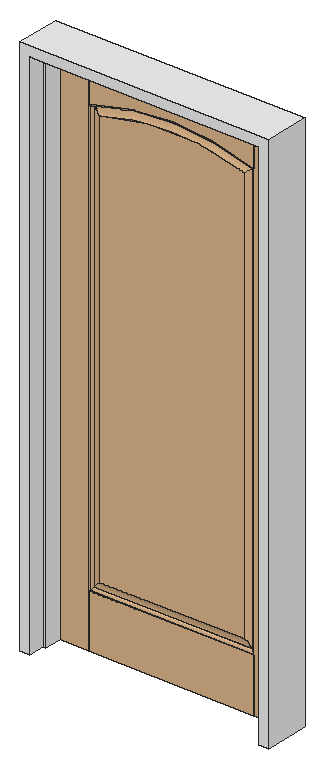
Revit family
Parameters (values of type "1 3/4" Raised Panel")
  URL = "http://www.karonadoor.com"
  Thickness Note = "Do not edit thickness."  # constant formula
  Thickness = 1.774"
  Swing Angle 2D = 90.00°
  SmartBIM Object Version = 1  # constant formula
  SmartBIM Object Created By = "Reed Construction Data"  # constant formula
  Rough Width = 0.000"
  Rough Height = 1.750"
  Panel = Panel_A6000_Karona : 1 3/4" Raised
  Model = "A6000 Ovolo"  # constant formula
  Manufacturer = "Karona , Inc."  # constant formula
  Door Panel = Wood, Cherry - Grain Vertical
  Detail Door Thickness = 1.750"
  Assembly Code = ""
  Top Rail Height = 5.000"
  Top Rail = Wood, Cherry - Grain Horizontal
  Stile Width = 5.063"
  Stile = Wood, Cherry - Grain Vertical
  Sticking = Wood, Cherry - Grain Vertical
  Middle Rail = Wood, Cherry - Grain Horizontal
  Height = 84.000"
  Wall Closure = (empty or 0)
  Width = 36.000"
  Frame = Metal
  Bottom Rail Height = 8.500"
  Bottom Rail = Wood, Cherry - Grain Horizontal
  95 CSI = "08210"  # constant formula
  04 CSI = "08 14 33"  # constant formula
Types (9): name | Thickness | Rough Height | Panel | Door Panel | Detail Door Thickness
  1 3/4" Flat Panel | 1.774" | 1.750" | Panel_A6000_Karona : 1 3/4" - Flat Panel | Wood, Cherry - Grain Vertical | 1.750"
  1 3/8" Flat Panel | 1.334" | 0.000" | Panel_A6000_Karona : 1 3/8" - Flat Panel | Wood, Cherry - Grain Vertical | 1.375"
  2 1/4" Flat Panel | 2.250" | 0.000" | Panel_A6000_Karona : 2 1/4" - Flat Panel | Wood, Cherry - Grain Vertical | 2.250"
  1 3/4" Glass Panel | 1.774" | 1.750" | Panel_A6000_Karona : 1 3/4" - Glass Panel | Glass | 1.750"
  1 3/8" Glass Panel | 1.334" | 0.000" | Panel_A6000_Karona : 1 3/8" - Glass Panel | Glass | 1.375"
  2 1/4" Glass Panel | 2.250" | 0.000" | Panel_A6000_Karona : 2 1/4" - Glass | Glass | 2.250"
  1 3/4" Raised Panel | 1.774" | 1.750" | Panel_A6000_Karona : 1 3/4" Raised | Wood, Cherry - Grain Vertical | 1.750"
  1 3/8" Raised Panel | 1.334" | 0.000" | Panel_A6000_Karona : 1 3/8"Raised | Wood, Cherry - Grain Vertical | 1.375"
  2 1/4" Raised Panel | 2.250" | 0.000" | Panel_A6000_Karona : 2 1/4" Raised | Wood, Cherry - Grain Vertical | 2.250"
Reference planes (in)
  plane 1 "Center (Front/Back)": y = 0
  plane 2 "Center (Left/Right)": x = 0
  plane 3 "Left": x = -18
  plane 4 "Right": x = 18
  plane 5 "Top": z = 84
  plane 6 "Exterior Edge of Frame": y = 2.334
  plane 7 "Interior Edge of Frame": y = -4.666
  plane 8: y = 0.56
  plane 9: y = -2.166
  plane 10 "Opening Left": x = -19.5
  plane 11 "Opening Right": x = 19.5
  plane 12 "Top of Opening": z = 85.5
  plane 13: x = -17.5
Forms (in)
  Sweep 1, solid, material "Metal" <- "Frame"
    path origin (0, 0, 0) x (1, 0, 0) y (0, 0, 1)
      loop
        line (-19.5, 0) -> (-19.5, 85.5) -> (19.5, 85.5) -> (19.5, 0)
    profile origin (-19.5, 0, 42.75) x (-1, 0, 0) y (0, -1, 0)
      loop
        line (0, -2.334) -> (0, 4.666) -> (-1.5, 4.666) -> (-1.5, 2.166) -> (-2, 2.166) -> (-2, -0.56) -> (-1.5, -0.56) -> (-1.5, -2.334) -> (0, -2.334)
Lines and regions (in)
  Opening 1
    outline origin (-90, -4.166, 0) x (1, 0, 0) y (0, 0, 1)
      loop
        line (70.5, 0) -> (109.5, 0) -> (109.5, 85.5) -> (70.5, 85.5) -> (70.5, 0)
  symbolic lines, style "Elevation Swing"
    curve 1: line (18, 1.834, 0) -> (-18, 1.834, 42)
    curve 2: line (-18, 1.834, 42) -> (18, 1.834, 84)
Text (in)
  text "Exterior" at (-46.13199, -14.93641, 0), in view "Ref. Level"
  text "Interior" at (-46.13199, 29.36774, 0), in view "Ref. Level"
  text "Exterior" at (0, 40.15149, 123.01588), in view "Right"
  text "Interior" at (0, -64.39139, 123.01588), in view "Right"
  text "Interior" at (0, -31.01599, 123.00693), in view "Left"
  text "Exterior" at (0, 54.57065, 123.00693), in view "Left"
Dimensions and locks (in)
  "Height": level to plane 5 "Top"
  "Width": plane 3 "Left" to plane 4 "Right"
  equal spacing: host wall, curve 2, plane 5 "Top"
  locked: host wall to plane 7 "Interior Edge of Frame" at 0.5
  locked: plane 6 "Exterior Edge of Frame" to host wall at 0.5
  locked: plane 9 to plane 7 "Interior Edge of Frame" at 2.5
  "Thickness": plane 6 "Exterior Edge of Frame" to plane 8
  equal spacing: plane 3 "Left", plane 2 "Center (Left/Right)", plane 4 "Right"
  locked: plane 4 "Right" to plane 11 "Opening Right" at 1.5
  locked: plane 5 "Top" to plane 12 "Top of Opening" at 1.5
  locked: plane 3 "Left" to plane 13 at 0.5
  locked: plane 10 "Opening Left" to plane 3 "Left" at 1.5
  aligned and locked: Opening 1 sketch curve to level
  aligned and locked: plane 4 "Right" to curve 1
  aligned and locked: plane 3 "Left" to curve 1
  aligned and locked: plane 5 "Top" to curve 2
  aligned and locked: Opening 1 sketch curve to plane 11 "Opening Right"
  aligned and locked: plane 12 "Top of Opening" to Opening 1 sketch curve
  aligned and locked: Opening 1 sketch curve to plane 10 "Opening Left"
  aligned and locked: plane 10 "Opening Left" to Sweep 1 sketch curve
  aligned and locked: plane 12 "Top of Opening" to Sweep 1 sketch curve
  aligned and locked: plane 11 "Opening Right" to Sweep 1 sketch curve
  aligned and locked: level to Sweep 1 sketch curve  (x2)
  aligned and locked: Sweep 1 sketch curve to plane 10 "Opening Left"
  aligned and locked: Sweep 1 sketch curve to plane 6 "Exterior Edge of Frame"
  aligned and locked: Sweep 1 sketch curve to plane 7 "Interior Edge of Frame"
  aligned and locked: Sweep 1 sketch curve to plane 8
  aligned and locked: Sweep 1 sketch curve to plane 9
  aligned and locked: plane 13 to Sweep 1 sketch curve
  aligned and locked: plane 3 "Left" to Sweep 1 sketch curve  (x2)
  aligned and locked: nested 2 to plane 3 "Left"
  aligned and locked: nested 2 to plane 8
  aligned and locked: nested 1 to plane 6 "Exterior Edge of Frame"
Automatic sketch dimensions
  curve 1 to level = 0.000"
  curve 2 to plane 4 "Right" = 0.000"
Nested families (in)
  nested 1: "Panel_A6000_Karona" at (-13.5, 0.45519, -1) x (-1, 0, 0) z (0, 0, 1), type <- "Panel", type "1 3/4" Raised"
  nested 2: "Door Panel Plan View" at (-31.5, 0.56, 0) x (-1, 0, 0) z (0, 0, 1), type "Door Panel Plan View"
    with Thickness 1.750", Height 84.000"
Definition of nested family "Panel_A6000_Karona"
  Parameters (values of type "1 3/4" Raised")
    Width = 36.000"
    Top Rail Material = Wood, Cherry - Grain Horizontal
    Top Rail Height = 5.000"
    Thickness Note = "Do not change door thickness"  # constant formula
    Thickness = 1.774"
    Stile Width = 5.063"
    Stile Material = Wood, Cherry - Grain Vertical
    Sticking Material = Wood, Cherry - Grain Vertical
    Radius Vertical Center = 38.92188" + Top Rail Height  # 43.92188"
    Radius = 33.63672"  # constant formula
    Panel Width = Width - (2 * Stile Width)  # 25.874"
    Panel Height = Height - (Bottom Rail + Top Rail Height)  # 70.500"
    Middle Strip Width = 3.625"
    Height = 84.000"
    Door Panel Material = Wood, Cherry - Grain Vertical
    Default Elevation = 0.000"  # constant formula
    Bottom Rail Material = Wood, Cherry - Grain Horizontal
    Bottom Rail = 8.500"
    Assembly Code = ""
    Arch Panel = Glass-Sticking-Arched-Assembly-Ovolo_Karona : Raised Panel
  Types (9): name | Top Rail Height | Thickness | Radius Vertical Center | Panel Height | Arch Panel
    1 3/8"Raised | 5.00013" | 1.375" | 43.922" | 70.49988" | Glass-Sticking-Arched-Assembly-Ovolo_Karona : Raised Panel
    2 1/4" Raised | 5.00013" | 2.250" | 43.922" | 70.49988" | Glass-Sticking-Arched-Assembly-Ovolo_Karona : Raised Panel
    1 3/4" Raised | 5.000" | 1.774" | 43.92188" | 70.500" | Glass-Sticking-Arched-Assembly-Ovolo_Karona : Raised Panel
    1 3/8" - Flat Panel | 5.00013" | 1.774" | 43.922" | 70.49988" | Glass-Sticking-Arched-Assembly-Ovolo_Karona : Glass Panel
    1 3/8" - Glass Panel | 5.00013" | 1.375" | 43.922" | 70.49988" | Glass-Sticking-Arched-Assembly-Ovolo_Karona : Glass Panel
    1 3/4" - Glass Panel | 5.00013" | 1.750" | 43.922" | 70.49988" | Glass-Sticking-Arched-Assembly-Ovolo_Karona : Glass Panel
    1 3/4" - Flat Panel | 5.00013" | 1.774" | 43.922" | 70.49988" | Glass-Sticking-Arched-Assembly-Ovolo_Karona : Glass Panel
    2 1/4" - Glass | 5.00013" | 2.250" | 43.922" | 70.49988" | Glass-Sticking-Arched-Assembly-Ovolo_Karona : Glass Panel
    2 1/4" - Flat Panel | 5.00013" | 2.250" | 43.922" | 70.49988" | Glass-Sticking-Arched-Assembly-Ovolo_Karona : Glass Panel
  Reference planes (in)
    plane 1 "Center (Front/Back)": y = 0.99181
    plane 2: z = 1
    plane 3 "Center (Left/Right)": x = -13.5
    plane 4 "Left": x = -31.5
    plane 5: x = 4.5
    plane 6 "Inner Left": x = -26.437
    plane 7: x = -15.3125
    plane 8 "Inner Right": x = -0.563
    plane 9: x = -11.6875
    plane 10: z = 9.5
    plane 11 "Bottom Of Top Rail": z = 80
    plane 12 "Top": z = 85
    plane 13 "Interior Edge of Door": y = 1.87881
    plane 14 "Exterior Edge of Door": y = 0.10481
    plane 15 "Bottom of Glass": y = 0.9095
    plane 16: x = -20.87475
    plane 17: x = -6.12525
    plane 18: z = 7.6875
    plane 19: z = -140.5625
    plane 20: z = -214.6875
    plane 21: z = 5.875
    plane 22: z = 9.5
    plane 23: z = -142.375
    plane 24: z = -138.75
    plane 25: z = -212.875
    plane 26: z = -216.5
    plane 27: z = -64.625
    plane 28: z = -66.4375
    plane 29: z = -68.25
    plane 30 "Radius Vertical Center": z = 41.07812
  Forms (in)
    Extrusion 1, solid, material "Wood, Cherry - Grain Horizontal" <- "Bottom Rail Material"
      sketch origin (0, -101.3125, 8.83203) x (1, 0, 0) y (0, 0, 1)
        loop
          line (-26.437, -7.83203) -> (-0.563, -7.83203) -> (-0.563, 0.66797) -> (-26.437, 0.66797) -> (-26.437, -7.83203)
      from -103.19131 to -101.41731
    Extrusion 2, solid, material "Wood, Cherry - Grain Vertical" <- "Stile Material"
      sketch origin (0, 0.99181, 8.83203) x (1, 0, 0) y (0, 0, 1)
        loop
          line (-31.5, 76.16797) -> (-31.5, -7.83203) -> (-26.437, -7.83203) -> (-26.437, 76.16797) -> (-31.5, 76.16797)
        loop
          line (-0.563, -7.83203) -> (4.5, -7.83203) -> (4.5, 76.16797) -> (-0.563, 76.16797) -> (-0.563, -7.83203)
      from -0.887 to 0.887
    Extrusion 3, solid, material "Wood, Cherry - Grain Horizontal" <- "Top Rail Material"
      sketch origin (0, 0.99181, 0) x (1, 0, 0) y (0, 0, 1)
        loop
          line (-26.437, 85) -> (-26.437, 77.78834)
          arc (-26.437, 77.78834) -> (-13.5, 80.0012) -> (-0.563, 77.78834) r 38.92308
          line (-0.563, 77.78834) -> (-0.563, 85) -> (-26.437, 85)
      from -0.887 to 0.887
  Lines and regions (in)
    symbolic lines, style "InvisibleLines"
      curve 1: line (-13.5, 1.87881, 85) -> (-13.5, 0.10481, 85)
  Text (in)
    text "EXTERIOR" at (-34.59289, -1.27941, 0), in view "Ref. Level"
    text "EXTERIOR" at (0, -9.65287, 72.76687), in view "Left"
    text "EXTERIOR" at (0, -33.33473, 96.68074), in view "Right"
  Dimensions and locks (in)
    equal spacing: plane 4 "Left", plane 3 "Center (Left/Right)", plane 5
    "Width": plane 4 "Left" to plane 5
    "Stile Width": plane 4 "Left" to plane 6 "Inner Left"
    "Stile Width": plane 5 to plane 8 "Inner Right"
    "Middle Strip Width": plane 9 to plane 7
    equal spacing: plane 9, plane 3 "Center (Left/Right)", plane 7
    "Bottom Rail": plane 10 to plane 2
    "Top Rail Height": plane 12 "Top" to plane 11 "Bottom Of Top Rail"
    "Height": plane 12 "Top" to plane 2
    equal spacing: plane 13 "Interior Edge of Door", plane 1 "Center (Front/Back)", plane 14 "Exterior Edge of Door"
    "Thickness": plane 13 "Interior Edge of Door" to plane 14 "Exterior Edge of Door"
    locked: plane 15 "Bottom of Glass" to plane 14 "Exterior Edge of Door" at 0.80469
    equal spacing: plane 7, plane 16, plane 6 "Inner Left"
    equal spacing: plane 8 "Inner Right", plane 17, plane 9
    equal spacing: plane 25, plane 20, plane 26
    "Middle Strip Width": plane 25 to plane 26
    equal spacing: plane 24, plane 19, plane 23
    "Middle Strip Width": plane 24 to plane 23
    equal spacing: plane 22, plane 18, plane 21
    "Middle Strip Width": plane 22 to plane 21
    "Panel Height": plane 11 "Bottom Of Top Rail" to plane 22
    "Panel Height": plane 23 to plane 25
    equal spacing: plane 27, plane 28, plane 29
    "Panel Height": plane 29 to plane 24
    "Middle Strip Width": plane 27 to plane 29
    "Panel Height": plane 21 to plane 27
    "Radius Vertical Center": plane 12 "Top" to plane 30 "Radius Vertical Center"
    plane 10 to plane 26 = 226.000"
    radius of Extrusion 3 sketch curve = 38.92308"
    aligned and locked: Extrusion 1 to plane 2
    aligned and locked: plane 13 "Interior Edge of Door" to Extrusion 1
    aligned and locked: plane 4 "Left" to Extrusion 2 sketch curve
    aligned and locked: Extrusion 2 sketch curve to plane 12 "Top"
    aligned and locked: Extrusion 2 sketch curve to Extrusion 1  (x3)
    aligned and locked: Extrusion 1 to Extrusion 2 sketch curve
    aligned and locked: plane 12 "Top" to Extrusion 2 sketch curve
    aligned and locked: plane 5 to Extrusion 2 sketch curve
    aligned and locked: plane 13 "Interior Edge of Door" to Extrusion 2
    aligned and locked: Extrusion 2 to plane 14 "Exterior Edge of Door"
    aligned and locked: Extrusion 1 to Extrusion 2
    aligned and locked: Extrusion 2 to plane 8 "Inner Right"
    aligned and locked: level to plane 2
    aligned and locked: curve 1 to Extrusion 1
    aligned and locked: curve 1 to plane 3 "Center (Left/Right)"
    aligned and locked: plane 5 to Extrusion 2
    aligned and locked: Extrusion 2 to level  (x2)
    aligned and locked: Extrusion 1 to level
    aligned and locked: plane 4 "Left" to Extrusion 2
    aligned and locked: plane 12 "Top" to Extrusion 2  (x2)
    aligned and locked: Extrusion 3 sketch curve to plane 12 "Top"
    aligned and locked: Extrusion 3 sketch curve to plane 8 "Inner Right"
    aligned and locked: Extrusion 3 sketch curve to plane 6 "Inner Left"
    aligned and locked: plane 30 "Radius Vertical Center" to Extrusion 3 sketch curve
    aligned and locked: plane 3 "Center (Left/Right)" to Extrusion 3 sketch curve
    aligned and locked: plane 13 "Interior Edge of Door" to Extrusion 3
    aligned and locked: Extrusion 3 to plane 14 "Exterior Edge of Door"
    aligned and locked: plane 3 "Center (Left/Right)" to nested 1
    aligned and locked: plane 22 to nested 1
    aligned: nested 1 to plane 1 "Center (Front/Back)"
  Automatic sketch dimensions
    Extrusion 1 sketch curve to plane 6 "Inner Left" = 0.000"
    Extrusion 1 sketch curve to plane 8 "Inner Right" = 0.000"
    Extrusion 1 sketch curve to level = 0.000"
    Extrusion 1 sketch curve to plane 10 = 0.000"
    curve 1 to plane 14 "Exterior Edge of Door" = 0.000"
  Nested families (in)
    nested 1: "Glass-Sticking-Arched-Assembly-Ovolo_Karona" at (-13.96875, 1.14203, 9.5), Height <- "Panel Height", Width <- "Panel Width", type <- "Arch Panel", type "Raised Panel"
      with Width 25.874", Radius 38.922", Height 70.500", Drop 2.21293", Curve Adjustment 38.922"
  Definition of nested family "Glass-Sticking-Arched-Assembly-Ovolo_Karona"
    Parameters (values of type "Flat Panel")
      Width [instance] = 25.000"
      Vertical Profile Offset = if(Glass Panel, 0.473", 0.050")  # 0.050"
      Stop Adjustment = if(and(not(Glass Panel), Door Thickness = 1.774"), 0.513", if(and(not(Glass Panel), Door Thickness = 2.250"), 0.513", if((Glass Panel), 0.125", 0.273")))  # 0.513"
      Radius [instance] = 38.922"  # constant formula
      Profile = Wood, Cherry - Grain Vertical
      Height [instance] = 17.875"
      Raised Panel = no
      Interior Panel = Wood, Cherry - Grain Vertical
      Glass Panel = no
      Drop [instance] = Radius - (sqrt((Radius ^ 2) - ((0.5 * Width) ^ 2)))  # 2.06183"
      Door Thickness = 2.250"
      Curve Adjustment [instance] = Height - (Height - Radius)  # 38.922"
      C = if(Door Thickness = 1.774", 0.197", if(Door Thickness = 2.250", 0.437", 0.106"))  # 0.437"
      B = if(Door Thickness = 1.774", 0.567", if(Door Thickness = 2.250", 0.803", 0.469"))  # 0.803"
      Assembly Code = ""
      A = if(Door Thickness = 1.774", 0.195", if(Door Thickness = 2.250", 0.431", 0.108"))  # 0.431"
    Types (3): name | Width | Vertical Profile Offset | Stop Adjustment | Raised Panel | Glass Panel | Drop | Door Thickness | C | B | A
      Glass Panel | 19.000" | 0.473" | 0.125" | no | yes | 1.17717" | 1.774" | 0.197" | 0.567" | 0.195"
      Flat Panel | 25.000" | 0.050" | 0.513" | no | no | 2.06183" | 2.250" | 0.437" | 0.803" | 0.431"
      Raised Panel | 19.000" | 0.050" | 0.513" | yes | no | 1.17717" | 1.774" | 0.197" | 0.567" | 0.195"
    Reference planes (in)
      plane 1 "Stop Adjustment Edge": y = -0.3455
      plane 2: z = 0
      plane 3 "Center (Left/Right)": x = 0.46875
      plane 4 "Back": y = 0.9765
      plane 5 "Front": y = -1.2735
      plane 6 "Left": x = -12.03125
      plane 7 "Right": x = 12.96875
      plane 8 "Top": z = 17.875
      plane 9 "Center (Up/Down)": z = 8.9375
      plane 10 "Bottom of Stop": y = 0.1675
      plane 11 "Bottom of Glass": y = -0.4705
      plane 12 "Right Edge of Glass": x = 12.91875
      plane 13 "Left Edge of Glass": x = -11.98125
      plane 14 "Top Edge of Glass": z = 17.78125
      plane 15 "Bottom Edge of Glass": z = 0.09375
      plane 16: x = 12.84375
      plane 17 "A": y = -0.8425
      plane 18 "C": y = 0.5395
      plane 19 "Bottom Cut Line": z = 0.438
      plane 20 "Top Cut Line": z = 17.437
      plane 21 "Cut Vertical Left": x = -11.59325
      plane 22 "Cut Vertical": x = 12.53075
      plane 23 "Center (Front/Back)": y = -0.1485
      plane 24: z = 18.875
      plane 25 "Drop": z = 15.81317
      plane 26: z = -8
      plane 27: z = -21.047
    Forms (in)
      Sweep 1, solid, material "Wood, Cherry - Grain Vertical" <- "Profile"
        path origin (0, -0.3455, 0) x (1, 0, 0) y (0, 0, 1)
          loop
            arc (12.96875, 15.81317) -> (0.46875, 17.875) -> (-12.03125, 15.81317) r 38.922
            line (-12.03125, 15.81317) -> (-12.03125, 0) -> (12.96875, 0) -> (12.96875, 15.81317)
        profile origin (12.96875, -0.3455, 7.90658) x (0, -1, 0) y (1, 0, 0)
          loop
            line (-0.885, 0) -> (-0.885, -0.438) -> (-0.513, -0.438) -> (-0.513, -0.05) -> (0.125, -0.05) -> (0.125, -0.44588)
            arc (0.125, -0.44588) -> (0.40126, -0.29929) -> (0.492, 0) r 0.40707
            line (0.492, 0) -> (-0.885, 0)
      Extrusion 2, solid, material "Wood, Cherry - Grain Vertical" <- "Interior Panel"
        sketch origin (0, 0, 0) x (1, 0, 0) y (0, 1, 0)
          loop
            line (-11.98125, 0.1675) -> (-11.98125, -0.4705) -> (12.91875, -0.4705) -> (12.91875, 0.1675) -> (-11.98125, 0.1675)
        from 0.09375 to 17.78125
      Extrusion 3, solid, material "Wood, Cherry - Grain Vertical" <- "Profile", visible <- "Raised Panel"
        sketch origin (0, 0, 0) x (1, 0, 0) y (0, 1, 0)
          loop
            line (12.53075, 0.5395) -> (-11.59325, 0.5395) -> (-11.59325, 0.1675) -> (12.53075, 0.1675) -> (12.53075, 0.5395)
          loop
            line (-11.59325, -0.4705) -> (-11.59325, -0.8425) -> (12.53075, -0.8425) -> (12.53075, -0.4705) -> (-11.59325, -0.4705)
        from 0.438 to 17.437
      Sweep 4, void
        path origin (0, 0.1675, 0) x (-1, 0, 0) y (0, 0, 1)
          loop
            line (12.03125, 0) -> (12.03125, 15.81317)
            arc (12.03125, 15.81317) -> (-0.46875, 17.875) -> (-12.96875, 15.81317) r 38.922
            line (-12.96875, 15.81317) -> (-12.96875, 0) -> (12.03125, 0)
        profile "Profile : 05" origin (-12.03125, 0.1675, 7.90658) x (1, 0, 0) y (0, 1, 0)
          loop
            line (0, 0.05) -> (0.36169, 0.05096)
            arc (0.36169, 0.05096) -> (1.01257, 0.13642) -> (1.61934, 0.387) r 2.52143
            line (1.61934, 0.387) -> (0, 0.387) -> (0, 0.05)
      Sweep 5, void
        path origin (0, -0.4705, 0) x (-1, 0, 0) y (0, 0, 1)
          loop
            line (-12.96875, 15.81317) -> (-12.96875, 0) -> (12.03125, 0) -> (12.03125, 15.81317)
            arc (12.03125, 15.81317) -> (-0.46875, 17.875) -> (-12.96875, 15.81317) r 38.922
        profile "Profile : 05" origin (12.96875, -0.4705, 7.90658) x (-1, 0, 0) y (0, 1, 0)
          loop
            line (0, -0.05) -> (0, -0.387) -> (1.61934, -0.387)
            arc (1.61934, -0.387) -> (1.01257, -0.13642) -> (0.36169, -0.05096) r 2.52143
            line (0.36169, -0.05096) -> (0, -0.05)
      Sweep 6, void
        path origin (0, 0.5395, 0) x (1, 0, 0) y (0, 0, 1)
          loop
            line (-11.59325, 0.438) -> (12.53075, 0.438) -> (12.53075, 15.52024)
            arc (12.53075, 15.52024) -> (0.46875, 17.42585) -> (-11.59325, 15.52024) r 39.12743
            line (-11.59325, 15.52024) -> (-11.59325, 0.438)
        profile "QuarterCircleCut : QuarterCircleCut" origin (-11.59325, 0.5395, 7.97912) x (-1, 0, 0) y (0, -1, 0)
          loop
            arc (0.35, -0.01) -> (0.10251, 0.09251) -> (0, 0.34) r 0.35
            line (0, 0.34) -> (0, -0.01) -> (0.35, -0.01)
      Extrusion 7, void
        sketch origin (-11.98125, -0.4705, 0) x (-1, 0, 0) y (0, 0, 1)
          loop
            line (0.05, 18.875) -> (-24.95, 18.875) -> (-24.95, 15.81317)
            arc (-24.95, 15.81317) -> (-12.45, 17.875) -> (0.05, 15.81317) r 38.922
            line (0.05, 15.81317) -> (0.05, 18.875)
        from -0.803 to 1.447
    Cuts and joins
      Sweep 4, Sweep 5, Extrusion 7 cuts Extrusion 3
      Extrusion 7 cuts Sweep 1
      Extrusion 7 cuts Extrusion 2
    Text (in)
      text "INTERIOR" at (-14.3788, 3.49864, 0), in view "Ref. Level"
    Dimensions and locks (in)
      equal spacing: plane 6 "Left", plane 3 "Center (Left/Right)", plane 7 "Right"
      "Width": plane 6 "Left" to plane 7 "Right"
      "Door Thickness": plane 4 "Back" to plane 5 "Front"
      "Height": plane 8 "Top" to plane 2
      equal spacing: plane 8 "Top", plane 9 "Center (Up/Down)", level
      locked: plane 1 "Stop Adjustment Edge" to plane 11 "Bottom of Glass" at 0.125
      "Stop Adjustment": plane 10 "Bottom of Stop" to plane 1 "Stop Adjustment Edge"
      locked: plane 12 "Right Edge of Glass" to plane 7 "Right" at 0.05
      locked: plane 8 "Top" to plane 14 "Top Edge of Glass" at 0.09375
      locked: plane 15 "Bottom Edge of Glass" to level at 0.09375
      locked: plane 6 "Left" to plane 13 "Left Edge of Glass" at 0.05
      "B": plane 5 "Front" to plane 11 "Bottom of Glass"
      locked: plane 16 to plane 7 "Right" at 0.125
      "A": plane 5 "Front" to plane 17 "A"
      "C": plane 18 "C" to plane 4 "Back"
      plane 4 "Back" to Sweep 1 = 0.809"
      locked: plane 19 "Bottom Cut Line" to level at 0.438
      locked: plane 8 "Top" to plane 20 "Top Cut Line" at 0.438
      locked: plane 6 "Left" to plane 21 "Cut Vertical Left" at 0.438
      locked: plane 22 "Cut Vertical" to plane 7 "Right" at 0.438
      equal spacing: plane 4 "Back", plane 23 "Center (Front/Back)", plane 5 "Front"
      locked: plane 24 to plane 8 "Top" at 1
      "Drop": plane 8 "Top" to plane 25 "Drop"
      "Curve Adjustment": plane 8 "Top" to plane 27
      "Radius": radius of Sweep 1 sketch curve
      "Radius": radius of Sweep 4 sketch curve
      "Radius": radius of Extrusion 7 sketch curve
      aligned and locked: Sweep 1 sketch curve to plane 7 "Right"
      aligned and locked: Sweep 1 sketch curve to level
      aligned and locked: plane 10 "Bottom of Stop" to Sweep 1 sketch curve
      aligned and locked: plane 11 "Bottom of Glass" to Sweep 1 sketch curve
      aligned and locked: Extrusion 2 sketch curve to plane 13 "Left Edge of Glass"
      aligned and locked: Extrusion 2 sketch curve to plane 10 "Bottom of Stop"
      aligned and locked: Extrusion 2 sketch curve to plane 11 "Bottom of Glass"
      aligned and locked: Extrusion 2 sketch curve to plane 12 "Right Edge of Glass"
      aligned and locked: plane 14 "Top Edge of Glass" to Extrusion 2
      aligned and locked: Extrusion 2 to plane 15 "Bottom Edge of Glass"
      aligned and locked: Extrusion 3 sketch curve to plane 18 "C"
      aligned and locked: Extrusion 3 sketch curve to plane 10 "Bottom of Stop"
      aligned and locked: Extrusion 3 sketch curve to plane 11 "Bottom of Glass"
      aligned and locked: Extrusion 3 sketch curve to plane 17 "A"
      aligned and locked: Extrusion 3 to plane 19 "Bottom Cut Line"
      aligned and locked: Extrusion 3 to plane 20 "Top Cut Line"
      aligned and locked: plane 12 "Right Edge of Glass" to Sweep 1 sketch curve
      aligned and locked: plane 22 "Cut Vertical" to Extrusion 3 sketch curve  (x2)
      aligned and locked: Extrusion 3 sketch curve to plane 21 "Cut Vertical Left"  (x2)
      aligned and locked: plane 22 "Cut Vertical" to Sweep 1 sketch curve
      aligned and locked: Sweep 5 sketch curve to plane 6 "Left"
      aligned and locked: level to Sweep 5 sketch curve
      aligned and locked: Sweep 4 sketch curve to plane 7 "Right"
      aligned and locked: Sweep 4 sketch curve to plane 6 "Left"
      aligned and locked: level to Sweep 4 sketch curve
      aligned and locked: Sweep 1 sketch curve to plane 18 "C"
      aligned and locked: Sweep 6 sketch curve to plane 21 "Cut Vertical Left"
      aligned and locked: plane 22 "Cut Vertical" to Sweep 6 sketch curve  (x2)
      aligned and locked: Sweep 6 sketch curve to plane 19 "Bottom Cut Line"
      aligned and locked: plane 25 "Drop" to Sweep 1 sketch curve  (x2)
      aligned and locked: plane 6 "Left" to Sweep 1 sketch curve
      aligned and locked: plane 7 "Right" to Sweep 1 sketch curve
      aligned and locked: Extrusion 7 sketch curve to plane 6 "Left"
      aligned and locked: Extrusion 7 sketch curve to plane 24
      aligned and locked: plane 7 "Right" to Extrusion 7 sketch curve
      aligned and locked: Extrusion 7 to plane 5 "Front"
      aligned and locked: plane 4 "Back" to Extrusion 7
      aligned and locked: plane 6 "Left" to Sweep 4 sketch curve
      aligned and locked: plane 25 "Drop" to Sweep 4 sketch curve  (x2)
      aligned and locked: plane 7 "Right" to Sweep 4 sketch curve
      aligned and locked: plane 25 "Drop" to Extrusion 7 sketch curve  (x2)
      aligned and locked: plane 7 "Right" to Sweep 5 sketch curve
      aligned and locked: plane 25 "Drop" to Sweep 5 sketch curve  (x2)
    Automatic sketch dimensions
      Sweep 1 sketch curve to Sweep 1 sketch curve = 0.03804"
      Sweep 1 sketch curve to Sweep 1 sketch curve = 0.367"
      plane 16 to Sweep 1 sketch curve = 0.32088"
      Sweep 1 sketch curve to profile plane = 0.000"
      Sweep 6 sketch curve to plane 3 "Center (Left/Right)" = 0.000"
      Sweep 6 sketch curve to plane 25 "Drop" = 0.29293"
      Sweep 6 sketch curve to plane 27 = 0.65458"
      Sweep 5 sketch curve to plane 27 = 0.000"
      Extrusion 2 to Extrusion 7 sketch curve = 1.09375"
Definition of nested family "Door Panel Plan View"
  Parameters (values of type "Door Panel Plan View")
    Width = 36.000"
    Thickness = 2.000"
    Swing Angle 2D = 90.00°
    Height = 0.000"
    Assembly Code = ""
  Reference planes (in)
    plane 1 "Center (Front/Back)": y = 0
    plane 2: z = 0
    plane 3 "Center (Left/Right)": x = -13.5
  Lines and regions (in)
    symbolic lines, style "DoorsPanelProjection"
      curve 1: line (-13.5, 0, 0) -> (-13.5, 36, 0)
      curve 2: line (-15.5, 0, 0) -> (-15.5, 36, 0)
      curve 3: line (-13.5, 0, 0) -> (-15.5, 0, 0)
      curve 4: line (-13.5, 36, 0) -> (-15.5, 36, 0)
    symbolic lines, style "Plan Swing"
      curve 5: arc (-13.5, 36, 0) -> (-38.95584, 25.45584, 0) -> (-49.5, 0, 0) r 36
  Dimensions and locks (in)
    "Width": curve 4 to curve 3
    "Thickness": curve 1 to curve 2
    "Swing Angle 2D": angle curve 1 to plane 1 "Center (Front/Back)"
    aligned and locked: plane 1 "Center (Front/Back)" to curve 5
  Automatic sketch dimensions
    curve 3 to plane 1 "Center (Front/Back)" = 0.000"
    curve 5 to plane 3 "Center (Left/Right)" = 0.000"
    curve 3 to plane 3 "Center (Left/Right)" = 0.000"
